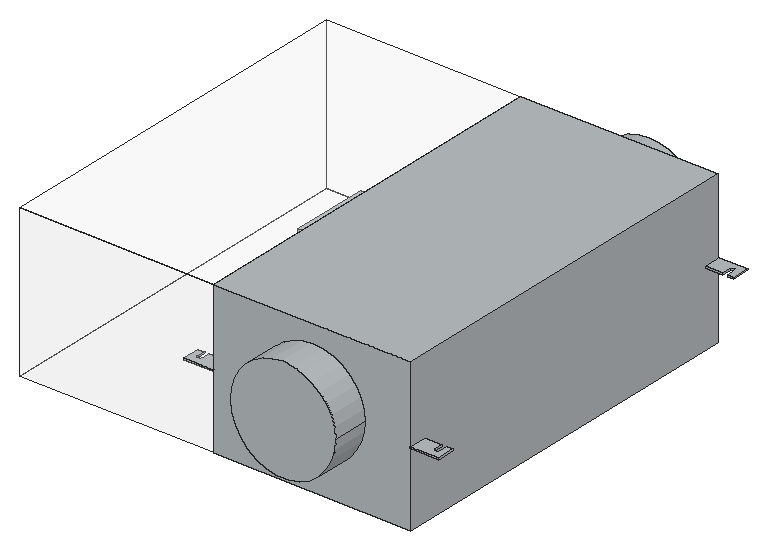
Revit family "bfs-120_210shu2_thu2_60Hz", category 機械設備, Revit 2019
Family settings
  丸型コネクタ寸法 = 直径を使用
  パーツ タイプ = 割り込み
  OmniClass 番号 = 23.75.35.17.27
  OmniClass タイトル = Centrifugal Fans
  作業面ベース = いいえ
  常に垂直 = はい
  ロード時にボイドで切り取り = いいえ
  共有 = いいえ
  部屋計算ポイント = はい
Parameters (values of type "BFS-120SHU2")
  騒音レベル(dB(A))_吸込 = 41.5
  騒音レベル(dB(A))_吐出 = 47
  騒音レベル(dB(A))_側面 = 35
  騒音レベル(dB(A)) = 47
  風量 [instance] = 設計風量  # 0.0 m³/h
  電源種別 [instance] = "一般"
  電圧 = 100 V
  電動機出力 = 270 W
  電動機_種別 [instance] = ""
  運転質量 = 0.00 kg
  連動 [instance] = ""
  質量 = if(製品質量 > 運転質量, 製品質量, 運転質量) * 1.2  # 33.60 kg
  負荷分類 = 3_ファン類
  説明 = "ストレートシロッコファン天吊埋込タイプ（消音形排気消音タイプ）"
  設計風量 [instance] = 0.0 m³/h
  設置方法 = "天吊"
  記号 [instance] = ""
  製造元 = "三菱電機株式会社"
  製品質量 = 28.00 kg
  製品出荷対象 = "国内"
  製品リリース年月 = "2022年6月1日"
  製品グループ = ""
  系統 [instance] = ""
  符号 [instance] = if(☑給気／□排気, "FS", "FE")  # "FE"
  積算_科目 = "2 換気設備"
  積算_拾い区分 [instance] = ""
  相 = 1
  盤記号 [instance] = ""
  盤工事区分 = "電気工事"
  発停方法 [instance] = "別売スイッチ"
  番手 = "#1 1/2"
  特殊仕様 [instance] = ""
  火災停止 = ""
  消費電力 = 330 W
  法定耐用年数 = "15"
  機外静圧 [instance] = 0.0 Pa
  極数 = 2
  極 = 4
  材質 [instance] = ""
  本体マテリアル = 溶融亜鉛めっき鋼板
  操作・制御方式 = ""
  操作・制御スイッチ = ""
  排気量 [instance] = if(☑給気／□排気, 0.0 m³/h, 設計風量)  # 0.0 m³/h
  形式 = ""
  形名 = BFS-SHU : BFS-120SHU
  幹線記号 [instance] = ""
  対象室 [instance] = ""
  実風量 = 0.0 m³/h
  始動方式 [instance] = "直入"
  外気量 [instance] = if(☑給気／□排気, 設計風量, 0.0 m³/h)  # 0.0 m³/h
  呼称 = "消音ボックス付送風機"
  周波数 = 60 Hz
  天吊金具ピッチ幅 = 550 mm
  天吊金具ピッチ奥行 = 851 mm
  参照している仕様書等のバージョン = ""
  分類コード = "50052502100020"
  分類グループ = ""
  価格 = 246000
  企業コード = "108420"
  付属品_防振装置 = ""
  付属品 [instance] = ""
  仕様書バージョン = "Version1.0"
  モデル = "BFS-120SHU2"
  ファンの種類 = "多翼形"
  ダクト径 = 250 mm
  サービススペース = yes
  コメント [instance] = ""
  Keynote = ""
  ☑給気／□排気 [instance] = no
  Width = 455 mm
  Version = ""
  Uniclass2015Version = "Systems v1.9"
  Uniclass2015Title = "Centrifugal fans"
  Uniclass2015Code = "Pr_65_67_29_12"
  URL = "https://www.mitsubishielectric.co.jp/ldg/wink/ssl/displayProduct.do?pid=318950"
  SpecificationReference = ""
  SpecificationDescription = ""
  Revision = ""
  ProductInformation = ""
  OmniClassCode = "23-33 31 19 13 15"
  MIN風量 = 989.0 m³/h
  MIN静圧 = 179.0 Pa
  MID風量 = 0.0 m³/h
  MID静圧 = 0.0 Pa
  MAX風量 = 1200.0 m³/h
  MAX静圧 = 265.0 Pa
  M = 85 mm
  IfcTypeProduct = ""
  IfcProduct = ""
  IfcExportType = "CENTRIFUGALFORWARDCURVED"
  IfcExportAs = "IfcFanType"
  Height = 350 mm
  Depth = 887 mm
  Clearance Top = 0 mm  # constant formula
  Clearance Right = 0 mm  # constant formula
  Clearance Left = 450 mm  # constant formula
  Clearance Front = 0 mm  # constant formula
  Clearance Bottom = 0 mm  # constant formula
  Clearance Back = 0 mm  # constant formula
  Author = "三菱電機株式会社"
Types (6, lengths in mm): name | 騒音レベル(dB(A))_吸込 | 騒音レベル(dB(A))_吐出 | 騒音レベル(dB(A))_側面 | 騒音レベル(dB(A)) | 電圧 | 電動機出力 | 質量 | 製品質量 | 相 | 消費電力 | 極数 | 形名 | 天吊金具ピッチ幅 | 天吊金具ピッチ奥行 | 価格 | モデル | ダクト径 | Width | URL | MIN風量 | MIN静圧 | MAX風量 | MAX静圧 | M | Depth
  BFS-120SHU2 | 41.5 | 47 | 35 | 47 | 100 V | 270 W | 33.60 kg | 28.00 kg | 1 | 330 W | 2 | BFS-SHU : BFS-120SHU | 550 | 851 | 246000 | "BFS-120SHU2" | 250 | 455 | "https://www.mitsubishielectric.co.jp/ldg/wink/ssl/displayProduct.do?pid=318950" | 989.0 m³/h | 179.0 Pa | 1200.0 m³/h | 265.0 Pa | 85 | 887
  BFS-150SHU2 | 42.5 | 50 | 37 | 50 | 100 V | 300 W | 36.00 kg | 30.00 kg | 1 | 480 W | 2 | BFS-SHU : BFS-150SHU | 550 | 1005 | 256000 | "BFS-150SHU2" | 250 | 455 | "https://www.mitsubishielectric.co.jp/ldg/wink/ssl/displayProduct.do?pid=318958" | 1164.0 m³/h | 179.0 Pa | 1500.0 m³/h | 294.0 Pa | 85 | 1041
  BFS-120THU2 | 41.5 | 47 | 35 | 47 | 200 V | 240 W | 33.60 kg | 28.00 kg | 3 | 330 W | 3 | BFS-THU : BFS-120THU | 550 | 851 | 246000 | "BFS-120THU2" | 250 | 455 | "https://www.mitsubishielectric.co.jp/ldg/wink/ssl/displayProduct.do?pid=318954" | 789.0 m³/h | 119.0 Pa | 1200.0 m³/h | 265.0 Pa | 85 | 887
  BFS-150THU2 | 42.5 | 50 | 37 | 50 | 200 V | 300 W | 36.00 kg | 30.00 kg | 3 | 455 W | 3 | BFS-THU : BFS-150THU | 550 | 1005 | 256000 | "BFS-150THU2" | 250 | 455 | "https://www.mitsubishielectric.co.jp/ldg/wink/ssl/displayProduct.do?pid=318966" | 995.0 m³/h | 129.0 Pa | 1500.0 m³/h | 294.0 Pa | 85 | 1041
  BFS-180THU2 | 43.5 | 51 | 38 | 51 | 200 V | 550 W | 38.40 kg | 32.00 kg | 3 | 565 W | 3 | BFS-THU : BFS-180THU | 600 | 1005 | 300000 | "BFS-180THU2" | 250 | 505 | "https://www.mitsubishielectric.co.jp/ldg/wink/ssl/displayProduct.do?pid=319028" | 0.0 m³/h | 0.0 Pa | 1800.0 m³/h | 314.0 Pa | 85 | 1041
  BFS-210THU2 | 45 | 52 | 39.5 | 52 | 200 V | 750 W | 40.80 kg | 34.00 kg | 3 | 680 W | 3 | BFS-THU : BFS-210THU | 620 | 1142 | 371000 | "BFS-210THU2" | 300 | 525 | "https://www.mitsubishielectric.co.jp/ldg/wink/ssl/displayProduct.do?pid=319037" | 0.0 m³/h | 0.0 Pa | 2100.0 m³/h | 322.0 Pa | 100 | 1178
Reference planes
  plane 1 "中心(正面/背面)": y = 0
  plane 2: z = 0
  plane 3 "中心(左/右)": x = 0
  plane 4 "4": x = 0
  plane 5 "3": x = 0
  plane 6 "左": x = -227.5
  plane 7 "右": x = 227.5
  plane 8 "背面": y = 443.5
  plane 9 "正面": y = -443.5
  plane 10: z = 175
  plane 11: y = 425.5
  plane 12: y = -425.5
  plane 13: x = 275
  plane 14: x = -275
  plane 15: z = -175
  plane 16: z = 175
  plane 17: z = -175
  plane 18: y = 443.5
  plane 19: y = -443.5
  plane 20: x = 227.5
  plane 21: x = -677.5
Lines and regions (mm)
  Masking region 1, detail levels coarse+medium
    outline origin (-388.812, -1333.655, 0) x (1, 0, 0) y (0, 1, 0)
      loop
        line (161.312, 890.155) -> (616.312, 890.155) -> (616.312, 1777.155) -> (161.312, 1777.155) -> (161.312, 890.155)
  symbolic lines, detail levels coarse+medium
    curve 1: line (-227.5, 443.5, 0) -> (227.5, 0, 0)
    curve 2: line (227.5, 0, 0) -> (-227.5, -443.5, 0)
Dimensions and locks
  equal spacing: plane 6 "左", plane 5 "3", plane 7 "右"
  "Width": plane 6 "左" to plane 7 "右"
  equal spacing: plane 9 "正面", plane 1 "中心(正面/背面)", plane 8 "背面"
  "Depth": plane 9 "正面" to plane 8 "背面"
  equal spacing: plane 10, level, plane 15
  "Height": plane 10 to plane 15
  "Clearance Top": plane 16 to plane 10
  "Clearance Bottom": plane 15 to plane 17
  "Clearance Back": plane 8 "背面" to plane 18
  "Clearance Front": plane 19 to plane 9 "正面"
  "Clearance Left": plane 21 to plane 6 "左"
  "Clearance Right": plane 7 "右" to plane 20
  equal spacing: plane 12, plane 1 "中心(正面/背面)", plane 11
  "天吊金具ピッチ奥行": plane 12 to plane 11
  equal spacing: plane 14, plane 5 "3", plane 13
  "天吊金具ピッチ幅": plane 14 to plane 13
  aligned and locked: level to plane 2
  aligned and locked: nested 1 to plane 11
  aligned and locked: plane 12 to nested 1
  aligned and locked: plane 14 to nested 1
  aligned and locked: plane 13 to nested 1
  aligned and locked: plane 21 to nested 2
  aligned and locked: plane 19 to nested 2
  aligned and locked: plane 16 to nested 2
  aligned and locked: plane 17 to nested 2
  aligned and locked: plane 18 to nested 2
  aligned and locked: plane 6 "左" to nested 2
  aligned and locked: nested 3 to plane 5 "3"
  aligned and locked: plane 1 "中心(正面/背面)" to nested 3
  aligned and locked: plane 10 to nested 3
  aligned and locked: plane 7 "右" to Masking region 1
  aligned and locked: Masking region 1 to plane 6 "左"
  aligned and locked: Masking region 1 to plane 8 "背面"
  aligned and locked: plane 9 "正面" to Masking region 1
Automatic sketch dimensions
  plane 14 to Masking region 1 sketch curve = 47.5 mm
  plane 3 "中心(左/右)" to Masking region 1 sketch curve = 227.5 mm
  plane 9 "正面" to Masking region 1 sketch curve = 0 mm
  Masking region 1 sketch curve to plane 9 "正面" = 887 mm
  curve 2 to plane 6 "左" = 0 mm
  curve 1 to plane 6 "左" = 0 mm
  plane 1 "中心(正面/背面)" to curve 1 = 0 mm
  curve 1 to plane 7 "右" = 0 mm
  plane 9 "正面" to curve 2 = 0 mm
  plane 8 "背面" to curve 1 = 0 mm
Nested families
  nested 1: "固定点" at (-275, -425.5, 0), type "固定点"
    with W 550 mm, D 851 mm
  nested 2: "サービススペース" at (-452.5, 0, 0), visible <- "サービススペース", type "サービススペース"
    with Width 450 mm, Height 350 mm, Depth 887 mm
  nested 3: "BFS-SHU" at (0, 0, -175) x (0, -1, 0) z (0, 0, 1), type <- "形名", type "BFS-120SHU"
Connectors
  hvac at (0, -528.5, 12), driven by "ダクト径", driven by "機外静圧", driven by "風量"
    settings: on nested 3, index 2, duct flow 0.0 m³/h, flow factor 0, pres drop 0.0 Pa, loss coef 0, conn angle 0.00°, conn width 304.8 mm, conn height 304.8 mm, conn diameter 250 mm, duct sys type 29, conn prof type 0, flow config 0, flow direction 2, loss method 4, conn ref index -1, conn util no, is conn primary yes, conn desc "Out"
  hvac at (0, 528.5, 12), driven by "ダクト径", driven by "機外静圧", driven by "風量"
    settings: on nested 3, index 3, duct flow 0.0 m³/h, flow factor 0, pres drop 0.0 Pa, loss coef 0, conn angle 0.00°, conn width 304.8 mm, conn height 304.8 mm, conn diameter 250 mm, duct sys type 29, conn prof type 0, flow config 0, flow direction 1, loss method 4, conn ref index -1, conn util no, is conn primary no, conn desc "In"
  electrical at (-263.3, -66, 74), driven by "極数", driven by "負荷分類", driven by "電圧", driven by "消費電力"
    settings: on nested 3, index 4, voltage 100 V, apparent load 330 VA, apparent load phase1 0 VA, apparent load phase2 0 VA, apparent load phase3 0 VA, power factor 1, load classification "3_ファン類", number of poles 2, system type 30, power factor state 1, is connector primary yes, connector utility no, sub classification motor no, connector description ""
Definition of nested family "サービススペース"
  Parameters (values of type "サービススペース")
    Width [instance] = 500 mm
    Height [instance] = 500 mm
    Depth [instance] = 500 mm
  Reference planes
    plane 1 "中心(正面/背面)": y = 0
    plane 2: z = 0
    plane 3 "中心(左/右)": x = 0
    plane 4: y = -250
    plane 5: x = 250
    plane 6: y = 250
    plane 7: x = -250
    plane 8: z = 250
    plane 9: z = -250
  Forms (mm)
    Extrusion 1, solid
      sketch origin (-638.939, 0, 72.39) x (1, 0, 0) y (0, 1, 0)
        loop
          line (388.939, 250) -> (388.939, -250) -> (888.939, -250) -> (888.939, 250) -> (388.939, 250)
      from -322.39 to 177.61
  Lines and regions (mm)
    symbolic lines
      curve 1: line (-250, 0, 250) -> (250, 0, 250)
      curve 2: line (-250, 0, -250) -> (-250, 0, 250)
      curve 3: line (250, 0, -250) -> (-250, 0, -250)
      curve 4: line (250, 0, 250) -> (250, 0, -250)
      curve 5: line (0, -250, 250) -> (0, 250, 250)
      curve 6: line (0, -250, -250) -> (0, -250, 250)
      curve 7: line (0, 250, -250) -> (0, -250, -250)
      curve 8: line (0, 250, 250) -> (0, 250, -250)
      curve 9: line (-250, 250, 0) -> (250, 250, 0)
      curve 10: line (-250, -250, 0) -> (-250, 250, 0)
      curve 11: line (250, -250, 0) -> (-250, -250, 0)
      curve 12: line (250, 250, 0) -> (250, -250, 0)
  Dimensions and locks
    equal spacing: plane 7, plane 3 "中心(左/右)", plane 5
    equal spacing: plane 4, plane 1 "中心(正面/背面)", plane 6
    "Depth": plane 4 to plane 6
    "Width": plane 7 to plane 5
    equal spacing: plane 8, plane 2, plane 9
    "Height": plane 8 to plane 9
    aligned and locked: plane 9 to curve 3
    aligned and locked: plane 7 to curve 2
    aligned and locked: curve 4 to plane 5
    aligned and locked: plane 5 to Extrusion 1
    aligned and locked: Extrusion 1 to plane 7
    aligned and locked: Extrusion 1 to plane 9
    aligned and locked: plane 8 to Extrusion 1
    aligned and locked: plane 9 to curve 7
  Automatic sketch dimensions
    plane 4 to Extrusion 1 sketch curve = 0 mm
    Extrusion 1 sketch curve to plane 7 = 0 mm
    Extrusion 1 sketch curve to plane 5 = 0 mm
    plane 6 to Extrusion 1 sketch curve = 0 mm
    curve 2 to plane 8 = 0 mm
    plane 4 to curve 11 = 0 mm
    curve 11 to plane 7 = 0 mm
    curve 11 to plane 5 = 0 mm
    plane 6 to curve 10 = 0 mm
    curve 7 to plane 4 = 0 mm
    curve 7 to plane 6 = 0 mm
    curve 6 to plane 8 = 0 mm
Definition of nested family "BFS-SHU"
  Parameters (values of type "BFS-150SHU")
    端子カバー高 = 155 mm  # constant formula
    端子カバー手前位置 = 341 mm
    端子カバー幅 = 35.8 mm  # constant formula
    端子カバー奥行 = 181 mm  # constant formula
    端子カバー上位置 = 23.5 mm
    吊りボルト幅 = 1005 mm
    吊りボルト奥行 = 550 mm
    マテリアル = none
    ダクト位置高 = 163 mm  # constant formula
    φ = 242 mm
    b = 389 mm
    a = 85 mm
    W = 1041 mm
    H = 350 mm
    c = 341 mm
    D = 455 mm
  Types (2, lengths in mm): name | 端子カバー手前位置 | 吊りボルト幅 | W | c
    BFS-120SHU | 287 | 851 | 887 | 287
    BFS-150SHU | 341 | 1005 | 1041 | 341
  Reference planes
    plane 1 "中心(正面/背面)": y = 0
    plane 2: z = 0
    plane 3 "中心(左/右)": x = 0
    plane 4: y = 227.5
    plane 5: y = 275
    plane 6: y = 295
    plane 7: y = -227.5
    plane 8: y = -275
    plane 9: y = -295
    plane 10: x = -520.5
    plane 11: x = -502.5
    plane 12: x = -523.5
    plane 13: x = 520.5
    plane 14: x = 502.5
    plane 15: x = 523.5
    plane 16: z = 350
    plane 17: z = 600
    plane 18: z = 900
    plane 19: z = 1200
    plane 20: x = -209.5
    plane 21: x = 179.5
    plane 22: x = 605.5
    plane 23: x = -605.5
    plane 24: z = 175
    plane 25: z = 172
    plane 26: z = 134
    plane 27: x = -482.5
    plane 28: z = 157
    plane 29: x = 482.5
    plane 30: y = 230.5
    plane 31: x = -1.5
    plane 32: z = 350
    plane 33: z = 171.5
    plane 34: y = -263.3
    plane 35: z = 326.5
    plane 36: z = 187
  Forms (mm)
    Extrusion 1, solid, material <- "マテリアル", detail levels fine
      sketch origin (0, 0, 0) x (1, 0, 0) y (0, 1, 0)
        loop
          line (-520.5, 227.5) -> (-520.5, -227.5) -> (520.5, -227.5) -> (520.5, 227.5) -> (-520.5, 227.5)
      from 0 to 350
    Extrusion 2, solid, material <- "マテリアル", detail levels fine
      sketch origin (0, 0, 0) x (1, 0, 0) y (0, 1, 0)
        loop
          line (-523.5, -227.5) -> (-523.5, -295) -> (-482.5, -295) -> (-482.5, -280.5) -> (-502.5, -280.5)
          arc (-502.5, -280.5) -> (-508, -275) -> (-502.5, -269.5) r 5.5
          line (-502.5, -269.5) -> (-482.5, -269.5) -> (-482.5, -227.5) -> (-523.5, -227.5)
      from 172 to 175
    Extrusion 3, solid, material <- "マテリアル", detail levels fine
      sketch origin (0, 0, 0) x (1, 0, 0) y (0, 1, 0)
        loop
          line (-523.5, 227.5) -> (-482.5, 227.5) -> (-482.5, 269.5) -> (-502.5, 269.5)
          arc (-502.5, 269.5) -> (-508, 275) -> (-502.5, 280.5) r 5.5
          line (-502.5, 280.5) -> (-482.5, 280.5) -> (-482.5, 295) -> (-523.5, 295) -> (-523.5, 227.5)
      from 172 to 175
    Extrusion 4, solid, material <- "マテリアル", detail levels fine
      sketch origin (0, 0, 0) x (-1, 0, 0) y (0, -1, 0)
        loop
          line (-523.5, 227.5) -> (-482.5, 227.5) -> (-482.5, 269.5) -> (-502.5, 269.5)
          arc (-502.5, 269.5) -> (-508, 275) -> (-502.5, 280.5) r 5.5
          line (-502.5, 280.5) -> (-482.5, 280.5) -> (-482.5, 295) -> (-523.5, 295) -> (-523.5, 227.5)
      from 172 to 175
    Extrusion 5, solid, material <- "マテリアル", detail levels fine
      sketch origin (0, 0, 0) x (0, 1, 0) y (0, 0, 1)
        loop
          circle (0, 187) r 121
      from -520.5 to -605.5
    Extrusion 6, solid, material <- "マテリアル", detail levels fine
      sketch origin (0, 0, 0) x (0, 1, 0) y (0, 0, -1)
        loop
          circle (0, -187) r 121
      from -520.5 to -605.5
    Extrusion 7, solid, material <- "マテリアル", detail levels fine
      sketch origin (0, 0, 0) x (1, 0, 0) y (0, 0, 1)
        loop
          line (179.5, 326.5) -> (-1.5, 326.5) -> (-1.5, 171.5) -> (179.5, 171.5) -> (179.5, 326.5)
      from 227.5 to 263.3
    Extrusion 8, solid, material <- "マテリアル", detail levels fine
      sketch origin (0, 0, 0) x (-1, 0, 0) y (0, -1, 0)
        loop
          line (-523.5, -227.5) -> (-523.5, -295) -> (-482.5, -295) -> (-482.5, -280.5) -> (-502.5, -280.5)
          arc (-502.5, -280.5) -> (-508, -275) -> (-502.5, -269.5) r 5.5
          line (-502.5, -269.5) -> (-482.5, -269.5) -> (-482.5, -227.5) -> (-523.5, -227.5)
      from 172 to 175
  Dimensions and locks
    plane 12 to plane 15 = 1047 mm
    "吊りボルト幅": plane 11 to plane 14
    "W": plane 10 to plane 13
    plane 9 to plane 6 = 590 mm
    "吊りボルト奥行": plane 8 to plane 5
    "D": plane 7 to plane 4
    equal spacing: plane 7, plane 1 "中心(正面/背面)", plane 4
    equal spacing: plane 10, plane 3 "中心(左/右)", plane 13
    "H": plane 16 to level
    locked: plane 5 to plane 6 at 20
    locked: plane 9 to plane 8 at 20
    locked: plane 13 to plane 15 at 3
    locked: plane 12 to plane 10 at 3
    equal spacing: plane 16, plane 24, level
    locked: plane 24 to plane 25 at 3
    locked: plane 24 to plane 26 at 41
    locked: plane 12 to plane 27 at 41
    locked: plane 25 to plane 28 at 15
    locked: plane 29 to plane 15 at 41
    locked: plane 30 to plane 4 at 3
    "a": plane 23 to plane 10
    "a": plane 13 to plane 22
    "端子カバー手前位置": plane 13 to plane 21
    "b": plane 21 to plane 20
    "端子カバー奥行": plane 21 to plane 31
    "端子カバー幅": plane 34 to plane 7
    equal spacing: plane 11, plane 3 "中心(左/右)", plane 14
    equal spacing: plane 8, plane 1 "中心(正面/背面)", plane 5
    "端子カバー上位置": plane 32 to plane 35
    "ダクト位置高": plane 32 to plane 36
    "端子カバー高": plane 35 to plane 33
    "φ": diameter of Extrusion 5 sketch curve
    "φ": diameter of Extrusion 6 sketch curve
    aligned and locked: level to plane 2
    aligned and locked: plane 4 to Extrusion 1 sketch curve
    aligned and locked: plane 10 to Extrusion 1 sketch curve
    aligned and locked: Extrusion 1 sketch curve to plane 7
    aligned and locked: Extrusion 1 sketch curve to plane 13
    aligned and locked: plane 16 to Extrusion 1
    aligned and locked: plane 7 to Extrusion 2 sketch curve
    aligned and locked: plane 12 to Extrusion 2 sketch curve
    aligned and locked: Extrusion 2 sketch curve to plane 9
    aligned and locked: Extrusion 2 sketch curve to plane 27  (x2)
    aligned and locked: plane 11 to Extrusion 2 sketch curve
    aligned and locked: plane 8 to Extrusion 2 sketch curve
    aligned and locked: plane 24 to Extrusion 2
    aligned and locked: Extrusion 2 to plane 25
    aligned and locked: plane 27 to Extrusion 3 sketch curve  (x2)
    aligned and locked: plane 5 to Extrusion 3 sketch curve
    aligned and locked: plane 11 to Extrusion 3 sketch curve
    aligned and locked: Extrusion 3 sketch curve to plane 6
    aligned and locked: Extrusion 3 sketch curve to plane 12
    aligned and locked: plane 4 to Extrusion 3 sketch curve
    aligned and locked: plane 24 to Extrusion 3
    aligned and locked: Extrusion 3 to plane 25
    aligned and locked: plane 9 to Extrusion 4 sketch curve
    aligned and locked: plane 15 to Extrusion 4 sketch curve
    aligned and locked: Extrusion 4 sketch curve to plane 7
    aligned and locked: Extrusion 4 sketch curve to plane 29  (x2)
    aligned and locked: plane 14 to Extrusion 4 sketch curve
    aligned and locked: plane 8 to Extrusion 4 sketch curve
    aligned and locked: Extrusion 4 to plane 25
    aligned and locked: plane 24 to Extrusion 4
    aligned and locked: plane 1 "中心(正面/背面)" to Extrusion 5 sketch curve
    aligned and locked: Extrusion 5 to plane 23
    aligned and locked: plane 1 "中心(正面/背面)" to Extrusion 6 sketch curve
    aligned and locked: plane 22 to Extrusion 6
    aligned and locked: plane 21 to Extrusion 7 sketch curve
    aligned and locked: Extrusion 7 sketch curve to plane 33
    aligned and locked: Extrusion 7 sketch curve to plane 31
    aligned and locked: Extrusion 7 to plane 7
    aligned and locked: plane 6 to Extrusion 8 sketch curve
    aligned and locked: plane 29 to Extrusion 8 sketch curve  (x2)
    aligned and locked: Extrusion 8 sketch curve to plane 4
    aligned and locked: Extrusion 8 sketch curve to plane 15
    aligned and locked: plane 5 to Extrusion 8 sketch curve
    aligned and locked: plane 14 to Extrusion 8 sketch curve
    aligned and locked: plane 24 to Extrusion 8
    aligned and locked: Extrusion 8 to plane 25
    aligned and locked: plane 35 to Extrusion 7 sketch curve
    aligned and locked: plane 36 to Extrusion 6 sketch curve
    aligned and locked: plane 36 to Extrusion 5 sketch curve
    aligned and locked: Extrusion 6 to plane 13
    aligned and locked: plane 10 to Extrusion 5
    aligned and locked: plane 34 to Extrusion 7
  Automatic sketch dimensions
    Extrusion 2 sketch curve to plane 11 = 0 mm
    plane 8 to Extrusion 2 sketch curve = 5.5 mm
    Extrusion 3 sketch curve to plane 11 = 0 mm
    plane 5 to Extrusion 3 sketch curve = 5.5 mm
    Extrusion 4 sketch curve to plane 14 = 0 mm
    Extrusion 4 sketch curve to plane 8 = 5.5 mm
    Extrusion 8 sketch curve to plane 14 = 0 mm
    Extrusion 8 sketch curve to plane 5 = 5.5 mm
Definition of nested family "固定点"
  Parameters (values of type "固定点")
    中心円 = 11 mm
    W [instance] = 1000 mm
    D [instance] = 1000 mm
  Reference planes
    plane 1 "中心(正面/背面)": y = 0
    plane 2: z = 0
    plane 3 "中心(左/右)": x = 0
    plane 4: x = 1000
    plane 5: y = 1000
  Lines and regions (mm)
    symbolic lines, detail levels fine
      curve 1: circle (0, 1000, 0) r 5.5 normal (0, 0, 1)
      curve 2: circle (0, 0, 0) r 5.5 normal (0, 0, 1)
      curve 3: circle (1000, 1000, 0) r 5.5 normal (0, 0, 1)
      curve 4: circle (1000, 0, 0) r 5.5 normal (0, 0, 1)
      curve 5: line (-200, 1000, 0) -> (1200, 1000, 0)
      curve 6: line (-200, 0, 0) -> (1200, 0, 0)
      curve 7: line (0, 1200, 0) -> (0, -200, 0)
      curve 8: line (1000, 1200, 0) -> (1000, -200, 0)
  Dimensions and locks
    "W": plane 3 "中心(左/右)" to plane 4
    "D": plane 1 "中心(正面/背面)" to plane 5
    "中心円": diameter of curve 1
    "中心円": diameter of curve 2
    "中心円": diameter of curve 3
    "中心円": diameter of curve 4
    aligned and locked: level to plane 2
    aligned and locked: plane 5 to curve 1
    aligned and locked: plane 3 "中心(左/右)" to curve 1
    aligned and locked: plane 3 "中心(左/右)" to curve 2
    aligned and locked: plane 1 "中心(正面/背面)" to curve 2
    aligned and locked: plane 4 to curve 3
    aligned and locked: plane 5 to curve 3
    aligned and locked: plane 1 "中心(正面/背面)" to curve 4
    aligned and locked: plane 4 to curve 4
    aligned and locked: plane 1 "中心(正面/背面)" to curve 6
    aligned and locked: curve 7 to plane 3 "中心(左/右)"
    aligned and locked: curve 8 to plane 4
  Automatic sketch dimensions
    curve 5 to plane 5 = 0 mm
    curve 6 to plane 3 "中心(左/右)" = 200 mm
    curve 5 to plane 3 "中心(左/右)" = 200 mm
    curve 4 to curve 6 = 200 mm
    curve 3 to curve 5 = 200 mm
    plane 1 "中心(正面/背面)" to curve 8 = 200 mm
    plane 1 "中心(正面/背面)" to curve 7 = 200 mm
    curve 3 to curve 8 = 200 mm
    curve 1 to curve 7 = 200 mm
